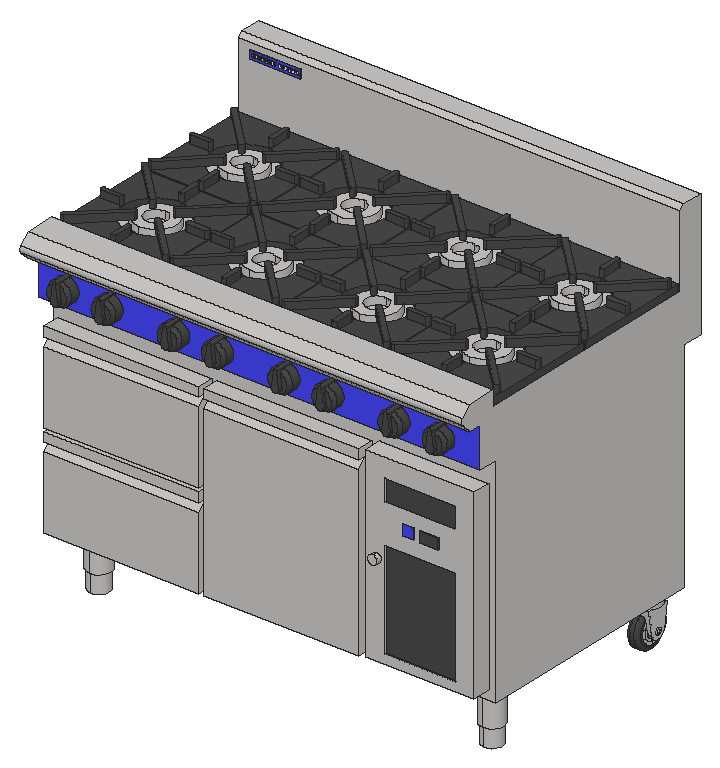
Revit family "QF_MOFFAT_BLUESEAL_CE_G518D-RB", category Specialty Equipment, Revit 2012 (continued)
Definition of nested family "GAS BURNER 1200"
  Automatic sketch dimensions
    plane 1 "BACK" to Extrusion 1 sketch curve = 0.0 mm
    plane 5 "FRONT" to Extrusion 1 sketch curve = 0.0 mm
    plane 3 "LEFT" to Extrusion 1 sketch curve = 1.0 mm  (x2)
    plane 1 "BACK" to Extrusion 1 sketch curve = 3.0 mm  (x2)
    plane 8 "Center X" to Extrusion 1 sketch curve = 149.0 mm
    plane 8 "Center X" to Extrusion 1 sketch curve = 2.0 mm  (x2)
    Extrusion 1 sketch curve to plane 8 "Center X" = 1.0 mm
    Extrusion 1 sketch curve to Extrusion 1 sketch curve = 3.0 mm  (x3)
    Extrusion 1 sketch curve to plane 8 "Center X" = 151.0 mm
    Extrusion 1 sketch curve to plane 5 "FRONT" = 3.0 mm  (x2)
    plane 3 "LEFT" to Extrusion 1 sketch curve = 149.991 mm  (x2)
    Extrusion 1 sketch curve to Extrusion 1 sketch curve = 146.009 mm
    Extrusion 1 sketch curve to Extrusion 1 sketch curve = 0.0 mm
    Extrusion 2 sketch curve to Extrusion 1 = 22.602 mm  (x2)
    Extrusion 2 sketch curve to Extrusion 1 = 25.398 mm  (x2)
    Extrusion 2 sketch curve to Extrusion 2 sketch curve = 4.525 mm  (x16)
    Extrusion 2 sketch curve to Extrusion 2 sketch curve = 49.204 mm  (x5)
    Extrusion 2 sketch curve to Extrusion 2 sketch curve = 55.923 mm  (x5)
    Extrusion 2 sketch curve to Extrusion 2 sketch curve = 0.0 mm  (x5)
    Extrusion 2 sketch curve to Extrusion 2 sketch curve = 20.524 mm  (x8)
    Extrusion 2 sketch curve to Extrusion 2 sketch curve = 6.4 mm  (x8)
    Extrusion 2 sketch curve to Extrusion 2 sketch curve = 53.847 mm  (x8)
    Extrusion 2 sketch curve to Extrusion 1 = 56.602 mm
    Extrusion 2 sketch curve to Extrusion 1 = 5.102 mm  (x6)
    Extrusion 2 sketch curve to Extrusion 1 = 13.653 mm  (x2)
    Extrusion 2 sketch curve to Extrusion 1 = 7.398 mm  (x2)
    Extrusion 2 sketch curve to Extrusion 1 = 4.602 mm  (x2)
    Extrusion 2 sketch curve to Extrusion 1 = 7.898 mm  (x4)
    Extrusion 2 sketch curve to Extrusion 1 = 31.653 mm  (x2)
    Extrusion 2 sketch curve to Extrusion 1 = 57.102 mm
    Extrusion 2 sketch curve to Extrusion 1 = 14.153 mm
    Extrusion 3 sketch curve to Extrusion 3 sketch curve = 0.0 mm  (x24)
    plane 1 "BACK" to Extrusion 3 sketch curve = 109.5 mm
    Extrusion 3 sketch curve to Extrusion 3 sketch curve = 27.0 mm  (x2)
    Extrusion 3 sketch curve to Extrusion 3 sketch curve = 30.0 mm  (x2)
    Extrusion 3 sketch curve to plane 8 "Center X" = 92.0 mm
    plane 3 "LEFT" to Extrusion 3 sketch curve = 150.0 mm  (x2)
    plane 1 "BACK" to Extrusion 4 sketch curve = 0.0 mm
    plane 5 "FRONT" to Extrusion 4 sketch curve = 0.0 mm
    Extrusion 4 sketch curve to plane 7 "Center Y" = 1.0 mm  (x2)
    plane 1 "BACK" to Extrusion 4 sketch curve = 3.0 mm  (x2)
    plane 8 "Center X" to Extrusion 4 sketch curve = 149.0 mm
    plane 8 "Center X" to Extrusion 4 sketch curve = 2.0 mm  (x2)
    Extrusion 4 sketch curve to plane 8 "Center X" = 1.0 mm
    Extrusion 4 sketch curve to Extrusion 4 sketch curve = 3.0 mm  (x3)
    Extrusion 4 sketch curve to plane 8 "Center X" = 151.0 mm
    Extrusion 4 sketch curve to plane 5 "FRONT" = 3.0 mm  (x2)
    Extrusion 4 sketch curve to plane 7 "Center Y" = 149.991 mm  (x2)
    Extrusion 4 sketch curve to Extrusion 4 sketch curve = 146.009 mm  (x2)
    Extrusion 5 sketch curve to Extrusion 4 = 22.602 mm  (x2)
    Extrusion 5 sketch curve to Extrusion 4 = 25.398 mm  (x2)
    Extrusion 5 sketch curve to Extrusion 5 sketch curve = 4.525 mm  (x16)
    Extrusion 5 sketch curve to Extrusion 5 sketch curve = 49.204 mm  (x4)
    Extrusion 5 sketch curve to Extrusion 5 sketch curve = 55.923 mm  (x5)
    Extrusion 5 sketch curve to Extrusion 5 sketch curve = 0.0 mm  (x6)
    Extrusion 5 sketch curve to Extrusion 5 sketch curve = 20.524 mm  (x7)
    Extrusion 5 sketch curve to Extrusion 5 sketch curve = 6.4 mm  (x8)
    Extrusion 5 sketch curve to Extrusion 5 sketch curve = 53.847 mm  (x8)
    Extrusion 5 sketch curve to Extrusion 4 = 56.602 mm
    Extrusion 5 sketch curve to Extrusion 4 = 5.102 mm  (x6)
    Extrusion 5 sketch curve to Extrusion 4 = 13.653 mm  (x2)
    Extrusion 5 sketch curve to Extrusion 4 = 7.398 mm  (x2)
    Extrusion 5 sketch curve to Extrusion 4 = 4.602 mm  (x2)
    Extrusion 5 sketch curve to Extrusion 4 = 7.898 mm  (x4)
    Extrusion 5 sketch curve to Extrusion 4 = 31.653 mm  (x2)
    Extrusion 5 sketch curve to Extrusion 4 = 57.102 mm  (x2)
    Extrusion 5 sketch curve to Extrusion 4 = 14.153 mm
    Extrusion 6 sketch curve to Extrusion 6 sketch curve = 0.0 mm  (x24)
    plane 1 "BACK" to Extrusion 6 sketch curve = 109.5 mm
    Extrusion 6 sketch curve to Extrusion 6 sketch curve = 27.0 mm  (x2)
    Extrusion 6 sketch curve to Extrusion 6 sketch curve = 30.0 mm  (x2)
    Extrusion 6 sketch curve to plane 8 "Center X" = 92.0 mm
    Extrusion 6 sketch curve to plane 7 "Center Y" = 150.0 mm  (x2)
    Extrusion 7 sketch curve to Extrusion 1 = 22.602 mm  (x2)
    Extrusion 7 sketch curve to Extrusion 1 = 25.398 mm  (x2)
    Extrusion 7 sketch curve to Extrusion 7 sketch curve = 4.525 mm  (x16)
    Extrusion 7 sketch curve to Extrusion 7 sketch curve = 49.204 mm  (x6)
    Extrusion 7 sketch curve to Extrusion 7 sketch curve = 55.923 mm  (x7)
    Extrusion 7 sketch curve to Extrusion 7 sketch curve = 0.0 mm  (x7)
    Extrusion 7 sketch curve to Extrusion 7 sketch curve = 20.524 mm  (x7)
    Extrusion 7 sketch curve to Extrusion 7 sketch curve = 6.4 mm  (x8)
    Extrusion 7 sketch curve to Extrusion 7 sketch curve = 53.847 mm  (x8)
    Extrusion 7 sketch curve to Extrusion 1 = 56.602 mm
    Extrusion 7 sketch curve to Extrusion 1 = 13.653 mm  (x2)
    Extrusion 7 sketch curve to Extrusion 1 = 7.398 mm  (x2)
    Extrusion 7 sketch curve to Extrusion 1 = 4.602 mm  (x2)
    Extrusion 7 sketch curve to Extrusion 1 = 31.653 mm  (x2)
    Extrusion 1 to Extrusion 7 sketch curve = 308.102 mm
    Extrusion 7 sketch curve to Extrusion 7 sketch curve = 9.051 mm  (x2)
    Extrusion 7 sketch curve to Extrusion 7 sketch curve = 2.796 mm  (x2)
    Extrusion 7 sketch curve to Extrusion 7 sketch curve = 128.447 mm  (x3)
    Extrusion 8 sketch curve to Extrusion 8 sketch curve = 0.0 mm  (x24)
    plane 1 "BACK" to Extrusion 8 sketch curve = 109.5 mm
    Extrusion 8 sketch curve to Extrusion 8 sketch curve = 27.0 mm  (x2)
    Extrusion 8 sketch curve to Extrusion 8 sketch curve = 30.0 mm  (x2)
    Extrusion 8 sketch curve to plane 8 "Center X" = 92.0 mm
    plane 7 "Center Y" to Extrusion 8 sketch curve = 151.0 mm  (x2)
    plane 1 "BACK" to Extrusion 9 sketch curve = 0.0 mm
    plane 5 "FRONT" to Extrusion 9 sketch curve = 0.0 mm
    plane 1 "BACK" to Extrusion 9 sketch curve = 3.0 mm  (x2)
    plane 8 "Center X" to Extrusion 9 sketch curve = 149.0 mm
    plane 8 "Center X" to Extrusion 9 sketch curve = 2.0 mm  (x2)
    Extrusion 9 sketch curve to plane 8 "Center X" = 1.0 mm
    Extrusion 9 sketch curve to Extrusion 9 sketch curve = 3.0 mm  (x3)
    Extrusion 9 sketch curve to plane 8 "Center X" = 151.0 mm
    plane 7 "Center Y" to Extrusion 9 sketch curve = 2.0 mm  (x2)
    Extrusion 9 sketch curve to plane 5 "FRONT" = 3.0 mm  (x2)
    plane 7 "Center Y" to Extrusion 9 sketch curve = 151.009 mm  (x2)
    Extrusion 9 sketch curve to Extrusion 9 sketch curve = 145.991 mm  (x2)
    Extrusion 10 sketch curve to Extrusion 10 sketch curve = 0.0 mm  (x24)
    plane 1 "BACK" to Extrusion 10 sketch curve = 109.5 mm
    Extrusion 10 sketch curve to Extrusion 10 sketch curve = 27.0 mm  (x2)
    Extrusion 10 sketch curve to Extrusion 10 sketch curve = 30.0 mm  (x2)
    Extrusion 10 sketch curve to plane 8 "Center X" = 92.0 mm
    plane 7 "Center Y" to Extrusion 10 sketch curve = 151.0 mm  (x2)
    plane 1 "BACK" to Extrusion 11 sketch curve = 0.0 mm
    plane 5 "FRONT" to Extrusion 11 sketch curve = 0.0 mm
    plane 4 "RIGHT" to Extrusion 11 sketch curve = 1.0 mm  (x2)
    plane 1 "BACK" to Extrusion 11 sketch curve = 3.0 mm  (x2)
    plane 8 "Center X" to Extrusion 11 sketch curve = 149.0 mm
    plane 8 "Center X" to Extrusion 11 sketch curve = 2.0 mm  (x2)
    Extrusion 11 sketch curve to plane 8 "Center X" = 1.0 mm
    Extrusion 11 sketch curve to Extrusion 11 sketch curve = 3.0 mm  (x3)
    Extrusion 11 sketch curve to plane 8 "Center X" = 151.0 mm
    Extrusion 11 sketch curve to plane 5 "FRONT" = 3.0 mm  (x2)
    plane 4 "RIGHT" to Extrusion 11 sketch curve = 149.991 mm  (x2)
    Extrusion 11 sketch curve to Extrusion 11 sketch curve = 146.009 mm  (x2)
    Extrusion 12 sketch curve to Extrusion 11 = 22.602 mm  (x2)
    Extrusion 12 sketch curve to Extrusion 11 = 25.398 mm  (x2)
    Extrusion 12 sketch curve to Extrusion 12 sketch curve = 4.525 mm  (x16)
    Extrusion 12 sketch curve to Extrusion 12 sketch curve = 49.204 mm  (x4)
    Extrusion 12 sketch curve to Extrusion 12 sketch curve = 55.923 mm  (x5)
    Extrusion 12 sketch curve to Extrusion 12 sketch curve = 0.0 mm  (x6)
    Extrusion 12 sketch curve to Extrusion 12 sketch curve = 20.524 mm  (x7)
    Extrusion 12 sketch curve to Extrusion 12 sketch curve = 6.4 mm  (x8)
    Extrusion 12 sketch curve to Extrusion 12 sketch curve = 53.847 mm  (x8)
    Extrusion 12 sketch curve to Extrusion 11 = 56.602 mm
    Extrusion 12 sketch curve to Extrusion 11 = 5.102 mm  (x6)
    Extrusion 12 sketch curve to Extrusion 11 = 13.653 mm  (x2)
    Extrusion 12 sketch curve to Extrusion 11 = 7.398 mm  (x2)
    Extrusion 12 sketch curve to Extrusion 11 = 4.602 mm  (x2)
    Extrusion 12 sketch curve to Extrusion 11 = 7.898 mm  (x4)
    Extrusion 12 sketch curve to Extrusion 11 = 31.653 mm  (x2)
    Extrusion 12 sketch curve to Extrusion 11 = 57.102 mm  (x2)
    Extrusion 12 sketch curve to Extrusion 11 = 14.153 mm
    Extrusion 13 sketch curve to Extrusion 13 sketch curve = 0.0 mm  (x24)
    plane 1 "BACK" to Extrusion 13 sketch curve = 109.5 mm
    Extrusion 13 sketch curve to Extrusion 13 sketch curve = 27.0 mm  (x2)
    Extrusion 13 sketch curve to Extrusion 13 sketch curve = 30.0 mm  (x2)
    Extrusion 13 sketch curve to plane 8 "Center X" = 92.0 mm
    plane 4 "RIGHT" to Extrusion 13 sketch curve = 150.0 mm  (x2)
    radius of Extrusion 1 sketch curve = 84.082 mm  (x2)
    radius of Extrusion 4 sketch curve = 84.082 mm  (x2)
    radius of Extrusion 9 sketch curve = 84.082 mm  (x2)
    radius of Extrusion 11 sketch curve = 84.082 mm  (x2)
